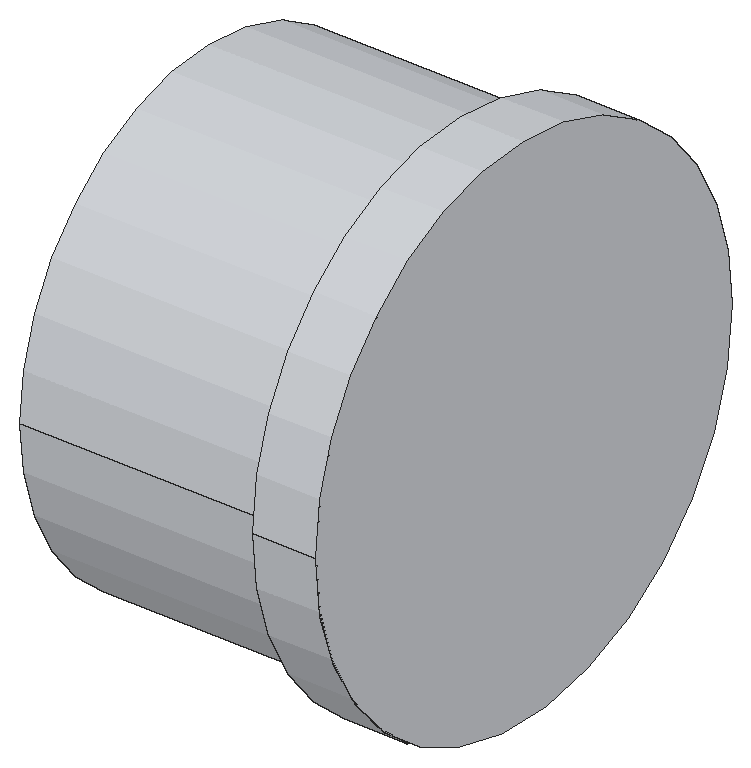
Revit family "d3a3d83e8ab547978dc27ae093e9d6a0", category Conduit Fittings, Revit 2021
Family settings
  Round Connector Dimension = Use Radius
  Part Type = Multi Port
  OmniClass Number = 23.80.30.17.11
  OmniClass Title = Conduits
  Work Plane-Based = No
  Always vertical = Yes
  Cut with Voids When Loaded = No
  Shared = No
Parameters (values of type "Standard")
  Radius 1 [instance] = Fitting Outside Radius * 1.1  # 0.594"
  Nominal Radius [instance] = 1/4"
  Nominal Diameter [instance] = Nominal Radius * 2  # 1/2"
  Length 1 [instance] = Length * 0.2  # 0.1438"
  Length [instance] = size_lookup(Conduit Size Lookup, "Lgt", 0.29 * Nominal Diameter + 91/128", Nominal Diameter)  # 0.719"
  Fitting Outside Radius [instance] = Fitting Outside Diameter / 2  # 0.54"
  Fitting Outside Diameter [instance] = size_lookup(Conduit Size Lookup, "FOD", 1.14 * Nominal Diameter + 1/2", Nominal Diameter)  # 1.08"
  Default Elevation = 0' - 0"
  Conduit Size Lookup = "Conduit Junction Box Adapter - PVC"
Reference planes (in)
  plane 1 "Center (Front/Back)": y = 0
  plane 2: z = 0
  plane 3 "Center (Left/Right)": x = 0
  plane 4: x = 0.719
  plane 5: x = 0.5752
Forms (in)
  Extrusion 1, solid, detail levels fine
    sketch origin (0, 0, 0) x (0, 1, 0) y (0, 0, 1)
      loop
        circle (0, 0) r 0.54
    from 0 to 0.719
  Extrusion 2, solid, detail levels fine
    sketch origin (0, 0, 0) x (0, 1, 0) y (0, 0, 1)
      loop
        circle (0, 0) r 0.594
    from 0.5752 to 0.719
Cuts and joins
  joined: Extrusion 1, Extrusion 2
Lines and regions (in)
  model lines, detail levels coarse+medium
    curve 1: line (0, 0, 0) -> (0.719, 0, 0)
Dimensions and locks (in)
  "Length": plane 3 "Center (Left/Right)" to plane 4
  "Length 1": plane 5 to plane 4
  "Fitting Outside Radius": radius of Extrusion 1 sketch curve
  "Radius 1": radius of Extrusion 2 sketch curve
  aligned and locked: plane 3 "Center (Left/Right)" to curve 1
  aligned and locked: plane 4 to curve 1
  aligned and locked: plane 1 "Center (Front/Back)" to curve 1
  aligned and locked: plane 1 "Center (Front/Back)" to Extrusion 1 sketch curve
  aligned and locked: plane 2 to Extrusion 1 sketch curve
  aligned and locked: Extrusion 1 to plane 3 "Center (Left/Right)"
  aligned and locked: plane 4 to Extrusion 1
  aligned and locked: plane 2 to Extrusion 2 sketch curve
  aligned and locked: plane 1 "Center (Front/Back)" to Extrusion 2 sketch curve
  aligned and locked: Extrusion 2 to plane 5
  aligned and locked: plane 4 to Extrusion 2
Connectors (in)
  cabletrayconduit at (0, 0, 0), diameter 0.5, driven by "Nominal Radius"
    settings: on cut or joined group of Extrusion 1, Extrusion 2, index 1, connector width 1' - 0", connector height 1' - 0", connector angle 0.00°, system type 32, placement type 0, profile type 0, connector reference index 2, is primary connector yes, connector utility param no, connector description ""
  cabletrayconduit at (0.719, 0, 0), diameter 0.5, driven by "Nominal Radius"
    settings: on cut or joined group of Extrusion 1, Extrusion 2, index 2, connector width 1' - 0", connector height 1' - 0", connector angle 0.00°, system type 32, placement type 0, profile type 0, connector reference index 1, is primary connector no, connector utility param no, connector description ""
